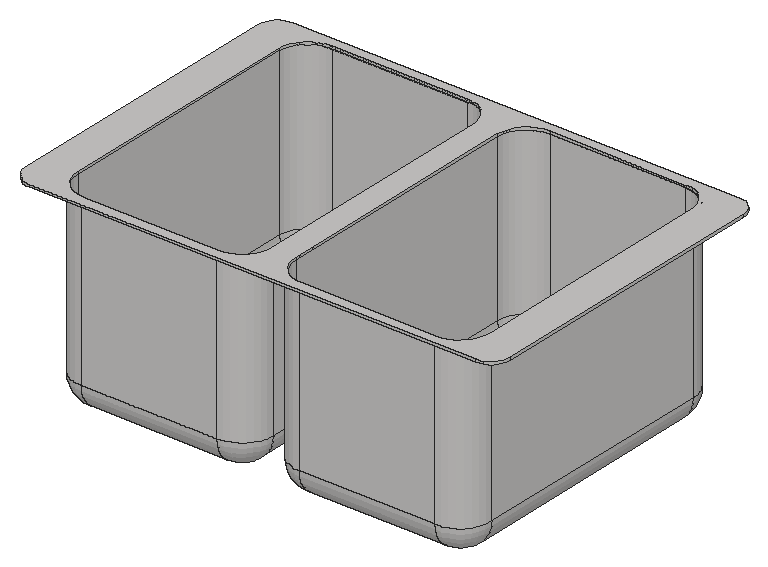
Revit family "QF_Vollrath_102-1-2", category Specialty Equipment, Revit 2016
Family settings
  Part Type = Normal
  Round Connector Dimension = Use Diameter
  OmniClass Number = 23.40.40.14.31
  OmniClass Title = Cleaning and Disposal Equipment
  Work Plane-Based = Yes
  Always vertical = Yes
  Cut with Voids When Loaded = No
  Shared = No
  Room Calculation Point = No
Parameters
  Width = 2' - 1"
  Weight in Pounds = 0
  Watermarked By = "http://revitwatermark.com"
  URL Cutsheet = ""
  Status [instance] = ""
  Specification by User [instance] = ""
  Specification by Manufacturer [instance] = ""
  Sink Width = 1' - 9 1/4"
  Sink Depth = 1' - 4"
  Sink Basin Depth = 0' - 10"
  Serial Number [instance] = ""
  Seismic Rating [instance] = ""
  SMACNA No [instance] = ""
  Revision Code [instance] = ""
  NAFEM Spec ID Number [instance] = ""
  Model = "102-1-2"
  Masterspec [instance] = ""
  Manufacturer = "Vollrath"
  Item Number [instance] = "-"
  Installed By [instance] = ""
  Indirect Waste Size = 2"
  Indirect Waste Flow [instance] = 0.00 GPM
  Indirect Waste Connection Type [instance] = ""
  Indirect Waste Connection Height [instance] = 0' - 0"
  Furnished By [instance] = ""
  Foodservice Equipment Identifier [instance] = yes
  Description = "Bar Sink"  # constant formula
  Depth = 1' - 5"
  Default Elevation = 4' - 0"
  CSI MasterFormat = ""
  Assembly Code = ""
Reference planes (in)
  plane 1 "BACK": y = 0
  plane 2 "BOTTOM": z = 0
  plane 3 "LEFT": x = 0
  plane 4 "RIGHT": x = 25
  plane 5 "FRONT": y = -17
  plane 6: x = 12.5
  plane 7: y = -8.5
  plane 8: y = -0.5
  plane 9: y = -16.5
  plane 10: x = 1.875
  plane 11: x = 23.125
  plane 12 "Sink Bottom": z = -10
  plane 13: x = 13.125
  plane 14: x = 11.875
  plane 15: x = 6.875
  plane 16: x = 18.125
Forms (in)
  Extrusion 1, solid, material "QF_Finishes_Stainless Steel"
    sketch origin (0, 0, 0) x (1, 0, 0) y (0, 1, 0)
      loop
        arc (1, 0) -> (0.29289, -0.29289) -> (0, -1) r 1
        line (0, -1) -> (0, -16)
        arc (0, -16) -> (0.29289, -16.70711) -> (1, -17) r 1
        line (1, -17) -> (24, -17)
        arc (24, -17) -> (24.70711, -16.70711) -> (25, -16) r 1
        line (25, -16) -> (25, -1)
        arc (25, -1) -> (24.70711, -0.29289) -> (24, 0) r 1
        line (24, 0) -> (1, 0)
      loop
        arc (3.375, -0.5) -> (2.31434, -0.93934) -> (1.875, -2) r 1.5
        line (1.875, -2) -> (1.875, -15)
        arc (1.875, -15) -> (2.31434, -16.06066) -> (3.375, -16.5) r 1.5
        line (3.375, -16.5) -> (10.375, -16.5)
        arc (10.375, -16.5) -> (11.43566, -16.06066) -> (11.875, -15) r 1.5
        line (11.875, -15) -> (11.875, -2)
        arc (11.875, -2) -> (11.43566, -0.93934) -> (10.375, -0.5) r 1.5
        line (10.375, -0.5) -> (3.375, -0.5)
      loop
        arc (14.625, -0.5) -> (13.56434, -0.93934) -> (13.125, -2) r 1.5
        line (13.125, -2) -> (13.125, -15)
        arc (13.125, -15) -> (13.56434, -16.06066) -> (14.625, -16.5) r 1.5
        line (14.625, -16.5) -> (21.625, -16.5)
        arc (21.625, -16.5) -> (22.68566, -16.06066) -> (23.125, -15) r 1.5
        line (23.125, -15) -> (23.125, -2)
        arc (23.125, -2) -> (22.68566, -0.93934) -> (21.625, -0.5) r 1.5
        line (21.625, -0.5) -> (14.625, -0.5)
    from 0 to 0.125
  Sweep 2, solid, material "QF_Finishes_Stainless Steel"
    path in 3D
      loop
        arc (10.375, -0.5, 0.125) -> (11.43566, -0.93934, 0.125) -> (11.875, -2, 0.125) r 1.5
        line (11.875, -2, 0.125) -> (11.875, -15, 0.125)
        arc (11.875, -15, 0.125) -> (11.43566, -16.06066, 0.125) -> (10.375, -16.5, 0.125) r 1.5
        line (10.375, -16.5, 0.125) -> (3.375, -16.5, 0.125)
        arc (3.375, -16.5, 0.125) -> (2.31434, -16.06066, 0.125) -> (1.875, -15, 0.125) r 1.5
        line (1.875, -15, 0.125) -> (1.875, -2, 0.125)
        arc (1.875, -2, 0.125) -> (2.31434, -0.93934, 0.125) -> (3.375, -0.5, 0.125) r 1.5
        line (3.375, -0.5, 0.125) -> (10.375, -0.5, 0.125)
    profile origin (6.875, -0.5, 0.125) x (0, 1, 0) y (0, 0, 1)
      loop
        line (0.125, -0.125) -> (0, -0.125) -> (0, -8.625)
        arc (0, -8.625) -> (-0.40273, -9.59727) -> (-1.375, -10) r 1.375
        line (-1.375, -10) -> (-1.375, -10.125)
        arc (-1.375, -10.125) -> (-0.31434, -9.68566) -> (0.125, -8.625) r 1.5
        line (0.125, -8.625) -> (0.125, -0.125)
  Extrusion 3, solid, material "QF_Finishes_Stainless Steel"
    sketch origin (0, 0, -10) x (-1, 0, 0) y (0, -1, 0)
      loop
        line (-10.375, 1.875) -> (-3.375, 1.875)
        arc (-3.375, 1.875) -> (-3.28661, 1.91161) -> (-3.25, 2) r 0.125
        line (-3.25, 2) -> (-3.25, 15)
        arc (-3.25, 15) -> (-3.28661, 15.08839) -> (-3.375, 15.125) r 0.125
        line (-3.375, 15.125) -> (-10.375, 15.125)
        arc (-10.375, 15.125) -> (-10.46339, 15.08839) -> (-10.5, 15) r 0.125
        line (-10.5, 15) -> (-10.5, 2)
        arc (-10.5, 2) -> (-10.46339, 1.91161) -> (-10.375, 1.875) r 0.125
      loop
        circle (-6.875, 8.5) r 1
    from 0 to 0.125
  Sweep 4, solid, material "QF_Finishes_Stainless Steel"
    path in 3D
      loop
        arc (21.625, -0.5, 0.125) -> (22.68566, -0.93934, 0.125) -> (23.125, -2, 0.125) r 1.5
        line (23.125, -2, 0.125) -> (23.125, -15, 0.125)
        arc (23.125, -15, 0.125) -> (22.68566, -16.06066, 0.125) -> (21.625, -16.5, 0.125) r 1.5
        line (21.625, -16.5, 0.125) -> (14.625, -16.5, 0.125)
        arc (14.625, -16.5, 0.125) -> (13.56434, -16.06066, 0.125) -> (13.125, -15, 0.125) r 1.5
        line (13.125, -15, 0.125) -> (13.125, -2, 0.125)
        arc (13.125, -2, 0.125) -> (13.56434, -0.93934, 0.125) -> (14.625, -0.5, 0.125) r 1.5
        line (14.625, -0.5, 0.125) -> (21.625, -0.5, 0.125)
    profile origin (18.125, -0.5, 0.125) x (0, 1, 0) y (0, 0, 1)
      loop
        line (0.125, -0.125) -> (0, -0.125) -> (0, -8.625)
        arc (0, -8.625) -> (-0.40273, -9.59727) -> (-1.375, -10) r 1.375
        line (-1.375, -10) -> (-1.375, -10.125)
        arc (-1.375, -10.125) -> (-0.31434, -9.68566) -> (0.125, -8.625) r 1.5
        line (0.125, -8.625) -> (0.125, -0.125)
  Extrusion 5, solid, material "QF_Finishes_Stainless Steel"
    sketch origin (0, 0, -10) x (-1, 0, 0) y (0, -1, 0)
      loop
        line (-21.625, 1.875) -> (-14.625, 1.875)
        arc (-14.625, 1.875) -> (-14.53661, 1.91161) -> (-14.5, 2) r 0.125
        line (-14.5, 2) -> (-14.5, 15)
        arc (-14.5, 15) -> (-14.53661, 15.08839) -> (-14.625, 15.125) r 0.125
        line (-14.625, 15.125) -> (-21.625, 15.125)
        arc (-21.625, 15.125) -> (-21.71339, 15.08839) -> (-21.75, 15) r 0.125
        line (-21.75, 15) -> (-21.75, 2)
        arc (-21.75, 2) -> (-21.71339, 1.91161) -> (-21.625, 1.875) r 0.125
      loop
        circle (-18.125, 8.5) r 1
    from 0 to 0.125
Lines and regions (in)
  sketch lines
    curve 1: line (3.375, -0.5, 0.125) -> (10.375, -0.5, 0.125)
    curve 2: arc (3.375, -0.5, 0.125) -> (2.31434, -0.93934, 0.125) -> (1.875, -2, 0.125) r 1.5
    curve 3: line (1.875, -15, 0.125) -> (1.875, -2, 0.125)
    curve 4: arc (1.875, -15, 0.125) -> (2.31434, -16.06066, 0.125) -> (3.375, -16.5, 0.125) r 1.5
    curve 5: line (10.375, -16.5, 0.125) -> (3.375, -16.5, 0.125)
    curve 6: arc (10.375, -16.5, 0.125) -> (11.43566, -16.06066, 0.125) -> (11.875, -15, 0.125) r 1.5
    curve 7: line (11.875, -2, 0.125) -> (11.875, -15, 0.125)
    curve 8: arc (11.875, -2, 0.125) -> (11.43566, -0.93934, 0.125) -> (10.375, -0.5, 0.125) r 1.5
    curve 9: line (14.625, -0.5, 0.125) -> (21.625, -0.5, 0.125)
    curve 10: arc (14.625, -0.5, 0.125) -> (13.56434, -0.93934, 0.125) -> (13.125, -2, 0.125) r 1.5
    curve 11: line (13.125, -15, 0.125) -> (13.125, -2, 0.125)
    curve 12: arc (13.125, -15, 0.125) -> (13.56434, -16.06066, 0.125) -> (14.625, -16.5, 0.125) r 1.5
    curve 13: line (21.625, -16.5, 0.125) -> (14.625, -16.5, 0.125)
    curve 14: arc (21.625, -16.5, 0.125) -> (22.68566, -16.06066, 0.125) -> (23.125, -15, 0.125) r 1.5
    curve 15: line (23.125, -2, 0.125) -> (23.125, -15, 0.125)
    curve 16: arc (23.125, -2, 0.125) -> (22.68566, -0.93934, 0.125) -> (21.625, -0.5, 0.125) r 1.5
  symbolic lines
    curve 17: line (1, 0, -10) -> (24, 0, -10)
    curve 18: arc (1, 0, -10) -> (0.29289, -0.29289, -10) -> (0, -1, -10) r 1
    curve 19: line (0, -16, -10) -> (0, -1, -10)
    curve 20: arc (0, -16, -10) -> (0.29289, -16.70711, -10) -> (1, -17, -10) r 1
    curve 21: line (24, -17, -10) -> (1, -17, -10)
    curve 22: arc (24, -17, -10) -> (24.70711, -16.70711, -10) -> (25, -16, -10) r 1
    curve 23: line (25, -1, -10) -> (25, -16, -10)
    curve 24: arc (25, -1, -10) -> (24.70711, -0.29289, -10) -> (24, 0, -10) r 1
  symbolic lines, style "QF_Surface Details"
    curve 25: line (10.375, -0.5, -10) -> (3.375, -0.5, -10)
    curve 26: arc (1.875, -2, -10) -> (2.31434, -0.93934, -10) -> (3.375, -0.5, -10) r 1.5
    curve 27: line (1.875, -2, -10) -> (1.875, -15, -10)
    curve 28: arc (3.375, -16.5, -10) -> (2.31434, -16.06066, -10) -> (1.875, -15, -10) r 1.5
    curve 29: line (3.375, -16.5, -10) -> (10.375, -16.5, -10)
    curve 30: arc (11.875, -15, -10) -> (11.43566, -16.06066, -10) -> (10.375, -16.5, -10) r 1.5
    curve 31: line (11.875, -15, -10) -> (11.875, -2, -10)
    curve 32: arc (10.375, -0.5, -10) -> (11.43566, -0.93934, -10) -> (11.875, -2, -10) r 1.5
    curve 33: line (21.625, -0.5, -10) -> (14.625, -0.5, -10)
    curve 34: arc (13.125, -2, -10) -> (13.56434, -0.93934, -10) -> (14.625, -0.5, -10) r 1.5
    curve 35: line (13.125, -2, -10) -> (13.125, -15, -10)
    curve 36: arc (21.625, -0.5, -10) -> (22.68566, -0.93934, -10) -> (23.125, -2, -10) r 1.5
    curve 37: line (23.125, -15, -10) -> (23.125, -2, -10)
    curve 38: arc (23.125, -15, -10) -> (22.68566, -16.06066, -10) -> (21.625, -16.5, -10) r 1.5
    curve 39: line (14.625, -16.5, -10) -> (21.625, -16.5, -10)
    curve 40: arc (14.625, -16.5, -10) -> (13.56434, -16.06066, -10) -> (13.125, -15, -10) r 1.5
    curve 41: circle (6.875, -8.5, -10) r 1 normal (0, 0, -1)
    curve 42: circle (18.125, -8.5, -10) r 1 normal (0, 0, -1)
Dimensions and locks (in)
  "Width": plane 3 "LEFT" to plane 4 "RIGHT"
  "Depth": plane 5 "FRONT" to plane 1 "BACK"
  "Sink Depth": plane 8 to plane 9
  equal spacing: plane 3 "LEFT", plane 6, plane 4 "RIGHT"
  "Sink Width": plane 10 to plane 11
  "Sink Basin Depth": level to plane 12 "Sink Bottom"
  equal spacing: plane 8, plane 7, plane 9
  plane 1 "BACK" to plane 8 = 0' - 0 1/2"
  plane 9 to plane 5 "FRONT" = 0' - 0 1/2"
  plane 3 "LEFT" to plane 10 = 0' - 1 7/8"
  plane 11 to plane 4 "RIGHT" = 0' - 1 7/8"
  plane 10 to plane 14 = 0' - 10"
  plane 13 to plane 11 = 0' - 10"
  plane 14 to plane 13 = 0' - 1 1/4"
  equal spacing: plane 10, plane 15, plane 14
  equal spacing: plane 13, plane 16, plane 11
  aligned and locked: level to plane 2 "BOTTOM"
  aligned and locked: plane 1 "BACK" to Extrusion 1 sketch curve
  aligned and locked: plane 3 "LEFT" to Extrusion 1 sketch curve
  aligned and locked: Extrusion 1 sketch curve to plane 5 "FRONT"
  aligned and locked: Extrusion 1 sketch curve to plane 4 "RIGHT"
  aligned and locked: Extrusion 1 sketch curve to plane 8  (x2)
  aligned and locked: plane 10 to Extrusion 1 sketch curve
  aligned and locked: plane 9 to Extrusion 1 sketch curve  (x2)
  aligned and locked: Extrusion 1 sketch curve to plane 14
  aligned and locked: plane 13 to Extrusion 1 sketch curve
  aligned and locked: Extrusion 1 sketch curve to plane 11
  aligned and locked: Extrusion 3 sketch curve to Sweep 2  (x3)
  aligned and locked: Extrusion 5 sketch curve to Sweep 4  (x4)
Automatic sketch dimensions
  Extrusion 1 sketch curve to plane 10 = 0' - 0 7/8"  (x2)
  plane 10 to Extrusion 1 sketch curve = 0' - 1 1/2"
  plane 9 to Extrusion 1 sketch curve = 0' - 1 1/2"  (x2)
  Extrusion 1 sketch curve to plane 8 = 0' - 1 1/2"  (x2)
  plane 13 to Extrusion 1 sketch curve = 0' - 1 1/2"  (x2)
  Extrusion 1 sketch curve to plane 11 = 0' - 1 1/2"
  plane 11 to Extrusion 1 sketch curve = 0' - 0 7/8"
  plane 9 to Extrusion 1 sketch curve = 0' - 0 1/2"
  Sweep 2 sketch curve to Sweep 2 sketch curve = 0' - 0"
  Sweep 2 sketch curve to profile plane = 0' - 0"
  Sweep 2 sketch curve to Sweep 2 sketch curve = 0' - 1 3/8"
  Sweep 2 sketch curve to profile plane = 0' - 0 1/8"  (x2)
  Sweep 2 sketch curve to profile plane = 0' - 10 1/8"
  Extrusion 3 sketch curve to plane 7 = 0' - 0"
  Extrusion 3 sketch curve to Extrusion 3 sketch curve = 0' - 0 1/8"  (x3)
  plane 10 to Extrusion 3 sketch curve = 0' - 5"
  Extrusion 3 sketch curve to plane 14 = 0' - 1 1/2"  (x2)
  Sweep 4 sketch curve to Sweep 4 sketch curve = 0' - 0"
  Sweep 4 sketch curve to profile plane = 0' - 0"
  profile plane to Sweep 4 sketch curve = 0' - 1 3/8"
  Sweep 4 sketch curve to Sweep 4 sketch curve = 0' - 0 1/8"
  Sweep 4 sketch curve to profile plane = 0' - 10 1/8"
  Sweep 4 sketch curve to profile plane = 0' - 0 1/8"
  Extrusion 5 sketch curve to plane 7 = 0' - 0"
  Extrusion 5 sketch curve to plane 16 = 0' - 0"
  Extrusion 5 sketch curve to Extrusion 5 sketch curve = 0' - 0 1/8"  (x4)
  curve 23 to plane 4 "RIGHT" = 0' - 0"
  plane 1 "BACK" to curve 17 = 0' - 0"
  plane 5 "FRONT" to curve 21 = 0' - 0"
  curve 37 to plane 11 = 0' - 0"
  curve 39 to plane 9 = 0' - 0"
  curve 36 to plane 8 = 0' - 0"
  curve 42 to plane 7 = 0' - 0"
  curve 42 to plane 16 = 0' - 0"
  curve 34 to plane 13 = 0' - 0"
  curve 31 to plane 14 = 0' - 0"
  curve 29 to plane 9 = 0' - 0"
  curve 32 to plane 8 = 0' - 0"
  curve 41 to plane 7 = 0' - 0"
  curve 41 to plane 15 = 0' - 0"
  curve 27 to plane 10 = 0' - 0"
  curve 19 to plane 3 "LEFT" = 0' - 0"
  curve 24 to plane 8 = 0' - 0 1/2"
  plane 11 to curve 21 = 0' - 0 7/8"
  curve 39 to plane 11 = 0' - 1 1/2"
  curve 36 to plane 11 = 0' - 1 1/2"
  plane 13 to curve 39 = 0' - 1 1/2"
  plane 13 to curve 33 = 0' - 1 1/2"
  curve 29 to plane 14 = 0' - 1 1/2"
  curve 32 to plane 8 = 0' - 1 1/2"
  plane 10 to curve 25 = 0' - 1 1/2"
  plane 10 to curve 28 = 0' - 1 1/2"
  curve 20 to plane 10 = 0' - 0 7/8"
  curve 18 to plane 8 = 0' - 0 1/2"
  radius of Extrusion 3 sketch curve = 0' - 1"
  radius of Extrusion 5 sketch curve = 0' - 1"
  radius of curve 41 = 0' - 1"
  radius of curve 42 = 0' - 1"
Connectors (in)
  piping at (6.875, -8.5, -10), diameter 2, driven by "Indirect Waste Flow"
    settings: on Extrusion 3, index 1, connector inside diameter 2", connector length 0' - 0", flow factor 0, pipe flow 0.00 GPM, pressure drop 0.00 psi, fitting loss kfactor 0, connector angle 0.00°, fixture units 0, engagement length 0' - 0", angle of deflection 0.00°, flow configuration 1, flow direction 2, fitting loss method 0, system type 16, joint type 0, gender type 0, connector reference index -1, connector utility 0, adjustable connector no, is connector primary yes, connector description "IW"
  piping at (18.125, -8.5, -10), diameter 2, driven by "Indirect Waste Flow"
    settings: on Extrusion 5, index 2, connector inside diameter 2", connector length 0' - 0", flow factor 0, pipe flow 0.00 GPM, pressure drop 0.00 psi, fitting loss kfactor 0, connector angle 0.00°, fixture units 0, engagement length 0' - 0", angle of deflection 0.00°, flow configuration 1, flow direction 2, fitting loss method 0, system type 16, joint type 0, gender type 0, connector reference index -1, connector utility 0, adjustable connector no, is connector primary no, connector description "IW"
